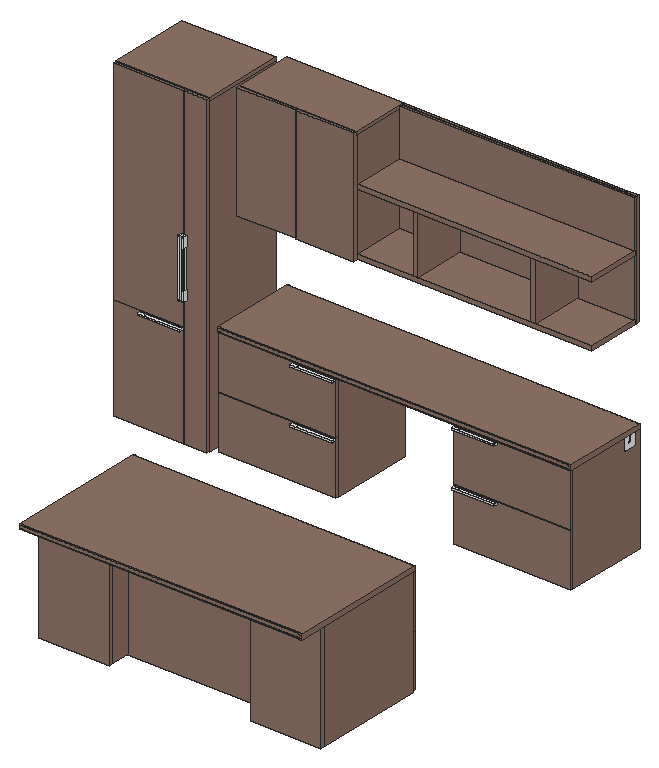
Revit family "FLV017", category Furniture, Revit 2019 (continued)
Definition of nested family "JSI-Flux-Wall_Mount_Dbl_Ht_OH"
  Forms (in)
    Extrusion 14, solid, material <- "Door Front"
      sketch origin (48, 0, -23) x (1, 0, 0) y (0, 0, 1)
        loop
          line (-36.06413, 81) -> (-36.06413, 51.75) -> (-20.18913, 51.75) -> (-20.18913, 81) -> (-36.06413, 81)
      from 4.3125 to 5.0625
    Extrusion 15, solid, material <- "Door Front"
      sketch origin (64, 0, -23) x (1, 0, 0) y (0, 0, 1)
        loop
          line (-36.06413, 81) -> (-36.06413, 51.75) -> (-20.18913, 51.75) -> (-20.18913, 81) -> (-36.06413, 81)
      from 4.3125 to 5.0625
    Extrusion 16, solid, material <- "Door Front"
      sketch origin (80, 0, -23) x (1, 0, 0) y (0, 0, 1)
        loop
          line (-36.06413, 81) -> (-36.06413, 51.75) -> (-20.18913, 51.75) -> (-20.18913, 81) -> (-36.06413, 81)
      from 4.3125 to 5.0625
    Extrusion 17, solid, material <- "Back Panel"
      sketch origin (0, 0, 0) x (0, 1, 0) y (0, 0, 1)
        loop
          line (10.75, 57.25) -> (9.9375, 57.25) -> (9.9375, 54.25) -> (10.75, 54.25) -> (10.75, 57.25)
      from -35.31413 to 59.06087
    Extrusion 18, solid, material <- "Back Panel"
      sketch origin (0, 0, 0) x (0, 1, 0) y (0, 0, 1)
        loop
          line (10.75, 54.25) -> (9.9375, 54.25) -> (9.9375, 52.0625) -> (10.75, 52.0625) -> (10.75, 54.25)
      from -34.31413 to 58.06087
    Extrusion 19, solid, material <- "Back Panel"
      sketch origin (0, 0, 0) x (0, 1, 0) y (0, 0, 1)
        loop
          line (10.75, 41.25) -> (9.9375, 41.25) -> (9.9375, 38.25) -> (10.75, 38.25) -> (10.75, 41.25)
      from -35.31413 to 59.06087
    Extrusion 20, solid, material <- "Back Panel"
      sketch origin (0, 0, 0) x (0, 1, 0) y (0, 0, 1)
        loop
          line (10.75, 38.25) -> (9.9375, 38.25) -> (9.9375, 36.0625) -> (10.75, 36.0625) -> (10.75, 38.25)
      from -34.31413 to 58.06087
  Lines and regions (in)
    symbolic lines
      curve 1: line (-36.06413, -4.3125, 0) -> (-36.06413, -5.0625, 0)
      curve 2: line (-20.06413, -4.3125, 0) -> (-20.06413, -5.0625, 0)
      curve 3: line (-20.18913, -5.0625, 0) -> (-20.18913, -4.3125, 0)
      curve 4: line (-4.18913, -5.0625, 0) -> (-4.18913, -4.3125, 0)
      curve 5: line (-20.18913, -4.3125, 0) -> (-36.06413, -4.3125, 0)
      curve 6: line (-36.06413, -5.0625, 0) -> (-20.18913, -5.0625, 0)
      curve 7: line (-4.18913, -4.3125, 0) -> (-20.06413, -4.3125, 0)
      curve 8: line (-20.06413, -5.0625, 0) -> (-4.18913, -5.0625, 0)
      curve 9: line (-36.06413, 10.75, 0) -> (-36.06413, -4.25, 0)
      curve 10: line (59.81087, 10.75, 0) -> (-36.06413, 10.75, 0)
      curve 11: line (59.81087, 10.75, 0) -> (59.81087, -4.25, 0)
      curve 12: line (59.81087, -4.25, 0) -> (-36.06413, -4.25, 0)
      curve 13: line (-4.06413, -4.3125, 0) -> (-4.06413, -5.0625, 0)
      curve 14: line (11.81087, -5.0625, 0) -> (11.81087, -4.3125, 0)
      curve 15: line (11.81087, -4.3125, 0) -> (-4.06413, -4.3125, 0)
      curve 16: line (-4.06413, -5.0625, 0) -> (11.81087, -5.0625, 0)
      curve 17: line (11.93587, -4.3125, 0) -> (11.93587, -5.0625, 0)
      curve 18: line (27.81087, -5.0625, 0) -> (27.81087, -4.3125, 0)
      curve 19: line (27.81087, -4.3125, 0) -> (11.93587, -4.3125, 0)
      curve 20: line (11.93587, -5.0625, 0) -> (27.81087, -5.0625, 0)
      curve 21: line (27.93587, -4.3125, 0) -> (27.93587, -5.0625, 0)
      curve 22: line (43.81087, -5.0625, 0) -> (43.81087, -4.3125, 0)
      curve 23: line (43.81087, -4.3125, 0) -> (27.93587, -4.3125, 0)
      curve 24: line (27.93587, -5.0625, 0) -> (43.81087, -5.0625, 0)
      curve 25: line (43.93587, -4.3125, 0) -> (43.93587, -5.0625, 0)
      curve 26: line (59.81087, -5.0625, 0) -> (59.81087, -4.3125, 0)
      curve 27: line (59.81087, -4.3125, 0) -> (43.93587, -4.3125, 0)
      curve 28: line (43.93587, -5.0625, 0) -> (59.81087, -5.0625, 0)
    symbolic lines, detail levels medium+fine
      curve 29: line (59.06087, 10.75, 0) -> (59.06087, -4.25, 0)
      curve 30: line (-35.31413, -4.25, 0) -> (-35.31413, 10.75, 0)
      curve 39: line (-35.31413, 9.1875, 0) -> (59.06087, 9.1875, 0)
      curve 40: line (59.06087, 9.1875, 0) -> (59.06087, 9.9375, 0)
      curve 41: line (59.06087, 9.9375, 0) -> (-35.31413, 9.9375, 0)
      curve 42: line (-35.31413, 9.9375, 0) -> (-35.31413, 9.1875, 0)
    symbolic lines, visible <- "Partition-L", detail levels medium+fine
      curve 31: line (-3.75163, -4.25, 0) -> (-3.75163, 9.1875, 0)
      curve 32: line (-3.75163, 9.1875, 0) -> (-4.50163, 9.1875, 0)
      curve 33: line (-4.50163, 9.1875, 0) -> (-4.50163, -4.25, 0)
      curve 34: line (-4.50163, -4.25, 0) -> (-3.75163, -4.25, 0)
    symbolic lines, visible <- "Partition-R", detail levels medium+fine
      curve 35: line (28.24837, -4.25, 0) -> (28.24837, 9.1875, 0)
      curve 36: line (28.24837, 9.1875, 0) -> (27.49837, 9.1875, 0)
      curve 37: line (27.49837, 9.1875, 0) -> (27.49837, -4.25, 0)
      curve 38: line (27.49837, -4.25, 0) -> (28.24837, -4.25, 0)
  Dimensions and locks (in)
    "Width": plane 2 "Center (Left/Right)" to plane 6
    "Depth": plane 16 to plane 3 "Center (Front/Back)"
    plane 12 to plane 13 to plane 14 to plane 15 = 0' - 0 3/4" locked, 0' - 0 1/16" locked, 0' - 2 3/16" locked
    locked: plane 16 to plane 12 at 0.0625
    locked: plane 2 "Center (Left/Right)" to plane 5 at 0.75
    locked: plane 8 to plane 9 at 0.75
    locked: plane 11 to plane 10 at 0.75
    locked: plane 7 to plane 6 at 0.75
    equal spacing: plane 2 "Center (Left/Right)", plane 17, plane 6
    "Height": plane 25 to plane 18
    "OH Elevation": plane 18 to plane 1
    locked: plane 25 to plane 24 at 0.75
    locked: plane 23 to plane 22 at 0.75
    locked: plane 20 to plane 19 at 1.1875
    "Level of Base Shelve": plane 19 to plane 18
    plane 19 to plane 21 to plane 31 = 0' - 0 1/4" locked, 0' - 0 1/4" locked
    equal spacing: plane 24, plane 26, plane 20
    locked: plane 23 to plane 26 at 0.375
    locked: plane 27 to plane 4 at 0.0625
    "Partition Distance_L": plane 2 "Center (Left/Right)" to plane 8
    "Partition Distance_R": plane 10 to plane 6
    "Shelf Width_L": plane 32 to plane 33
    "Shelf Width_R": plane 35 to plane 37
    "Shelf Width_Central": plane 34 to plane 36
    "Shelf Dist_L": plane 2 "Center (Left/Right)" to plane 32
    "Shelf Dist_C": plane 2 "Center (Left/Right)" to plane 34
    "Shelf Dist_R": plane 2 "Center (Left/Right)" to plane 35
    equal spacing: group 1, group 2, group 5, group 6, group 7, group 8  (x3)
    "Door Width": Extrusion 11 sketch curve to Extrusion 11 sketch curve
    "Door Width": Extrusion 12 sketch curve to Extrusion 12 sketch curve
    equal spacing: group 3, group 4, group 9, group 10, group 11, group 12  (x3)
    "Door Array Distance": Extrusion 11 to Extrusion 12
    "Wiring Hole Dist": plane 2 "Center (Left/Right)" to plane 38
    "Wiring Hole Dist": plane 39 to plane 6
    "Door Width": Extrusion 13 sketch curve to Extrusion 13 sketch curve
    "Door Width": Extrusion 14 sketch curve to Extrusion 14 sketch curve
    "Door Width": Extrusion 15 sketch curve to Extrusion 15 sketch curve
    "Door Width": Extrusion 16 sketch curve to Extrusion 16 sketch curve
    plane 27 to plane 28 to plane 3 "Center (Front/Back)" = 0' - 0 3/4" locked, 0' - 0 13/16" locked
    locked: plane 32 to plane 40 at 1
    locked: plane 41 to plane 37 at 1
    locked: plane 24 to plane 42 at 5.1875
    plane 44 to plane 43 to plane 20 = 0' - 5 3/16" locked, 0' - 5 7/8" locked
    locked: plane 24 to plane 46 at 3
    locked: plane 44 to plane 45 at 3
    aligned and locked: level to plane 1
    aligned and locked: Extrusion 1 sketch curve to plane 2 "Center (Left/Right)"
    aligned and locked: Extrusion 1 sketch curve to plane 5
    aligned and locked: Extrusion 1 sketch curve to plane 3 "Center (Front/Back)"
    aligned and locked: Extrusion 1 sketch curve to plane 14
    aligned and locked: Extrusion 2 sketch curve to plane 7
    aligned and locked: Extrusion 2 sketch curve to plane 6
    aligned and locked: Extrusion 2 sketch curve to plane 3 "Center (Front/Back)"
    aligned and locked: Extrusion 2 sketch curve to plane 14
    aligned and locked: plane 24 to Extrusion 1
    aligned and locked: plane 24 to Extrusion 2
    aligned and locked: Extrusion 1 to plane 18
    aligned and locked: Extrusion 2 to plane 18
    aligned and locked: Extrusion 3 sketch curve to plane 24
    aligned and locked: Extrusion 3 sketch curve to plane 25
    aligned and locked: Extrusion 3 sketch curve to plane 2 "Center (Left/Right)"
    aligned and locked: Extrusion 3 sketch curve to plane 6
    aligned and locked: Extrusion 4 sketch curve to plane 20
    aligned and locked: Extrusion 4 sketch curve to plane 19
    aligned and locked: Extrusion 4 sketch curve to plane 5
    aligned and locked: Extrusion 4 sketch curve to plane 7
    aligned and locked: Extrusion 3 to plane 3 "Center (Front/Back)"
    aligned and locked: plane 14 to Extrusion 3
    aligned and locked: Extrusion 4 to plane 27
    aligned and locked: plane 14 to Extrusion 4
    aligned and locked: Extrusion 5 sketch curve to plane 23
    aligned and locked: Extrusion 5 sketch curve to plane 22
    aligned and locked: Extrusion 6 sketch curve to plane 23
    aligned and locked: Extrusion 6 sketch curve to plane 22
    aligned and locked: Extrusion 7 sketch curve to plane 23
    aligned and locked: Extrusion 8 sketch curve to plane 24
    aligned and locked: Extrusion 8 sketch curve to plane 5
    aligned and locked: Extrusion 8 sketch curve to plane 7
    aligned and locked: Extrusion 8 sketch curve to plane 18
    aligned and locked: Extrusion 8 to plane 28
    aligned and locked: plane 27 to Extrusion 8
    aligned and locked: Extrusion 9 sketch curve to plane 8
    aligned and locked: Extrusion 9 sketch curve to plane 9
    aligned and locked: Extrusion 9 sketch curve to plane 27
    aligned and locked: Extrusion 9 sketch curve to plane 14
    aligned and locked: Extrusion 10 sketch curve to plane 11
    aligned and locked: Extrusion 10 sketch curve to plane 10
    aligned and locked: Extrusion 10 sketch curve to plane 27
    aligned and locked: Extrusion 10 sketch curve to plane 14
    aligned and locked: plane 24 to Extrusion 9
    aligned and locked: Extrusion 9 to plane 20
    aligned and locked: plane 24 to Extrusion 10
    aligned and locked: Extrusion 10 to plane 20
    aligned and locked: Extrusion 5 to plane 27
    aligned and locked: plane 15 to Extrusion 5
    aligned and locked: Extrusion 6 to plane 27
    aligned and locked: plane 15 to Extrusion 6
    aligned and locked: plane 15 to Extrusion 7
    aligned and locked: Extrusion 7 to plane 27
    aligned and locked: plane 32 to Extrusion 5
    aligned and locked: plane 33 to Extrusion 5
    aligned and locked: plane 34 to Extrusion 6
    aligned and locked: plane 36 to Extrusion 6
    aligned and locked: plane 35 to Extrusion 7
    aligned and locked: plane 37 to Extrusion 7
    aligned and locked: Extrusion 11 to plane 13
    aligned and locked: plane 12 to Extrusion 11
    aligned and locked: Extrusion 11 to plane 2 "Center (Left/Right)"
    aligned and locked: curve 1 to Extrusion 11
    aligned and locked: curve 2 to Extrusion 12
    aligned and locked: curve 3 to Extrusion 11
    aligned and locked: curve 4 to Extrusion 12
    aligned and locked: curve 5 to Extrusion 11
    aligned and locked: curve 6 to Extrusion 11
    aligned and locked: curve 7 to Extrusion 12
    aligned and locked: curve 8 to Extrusion 12
    aligned and locked: plane 17 to nested 1
    aligned and locked: plane 12 to nested 1
    aligned and locked: curve 9 to plane 2 "Center (Left/Right)"
    aligned and locked: curve 10 to plane 3 "Center (Front/Back)"
    aligned and locked: curve 11 to plane 6
    aligned and locked: curve 12 to plane 14
    aligned and locked: curve 13 to Extrusion 13
    aligned and locked: curve 14 to Extrusion 13
    aligned and locked: curve 15 to Extrusion 13
    aligned and locked: curve 16 to Extrusion 13
    aligned and locked: curve 17 to Extrusion 14
    aligned and locked: curve 18 to Extrusion 14
    aligned and locked: curve 19 to Extrusion 14
    aligned and locked: curve 20 to Extrusion 14
    aligned and locked: curve 21 to Extrusion 15
    aligned and locked: curve 22 to Extrusion 15
    aligned and locked: curve 23 to Extrusion 15
    aligned and locked: curve 24 to Extrusion 15
    aligned and locked: curve 25 to Extrusion 16
    aligned and locked: curve 26 to Extrusion 16
    aligned and locked: curve 27 to Extrusion 16
    aligned and locked: curve 28 to Extrusion 16
    aligned and locked: plane 3 "Center (Front/Back)" to Extrusion 17 sketch curve
    aligned and locked: plane 28 to Extrusion 17 sketch curve
    aligned and locked: plane 24 to Extrusion 17 sketch curve
    aligned and locked: plane 46 to Extrusion 17 sketch curve
    aligned and locked: plane 46 to Extrusion 18 sketch curve
    aligned and locked: plane 42 to Extrusion 18 sketch curve
    aligned and locked: plane 28 to Extrusion 18 sketch curve
    aligned and locked: plane 3 "Center (Front/Back)" to Extrusion 18 sketch curve
    aligned and locked: plane 44 to Extrusion 19 sketch curve
    aligned and locked: plane 45 to Extrusion 19 sketch curve
    aligned and locked: plane 28 to Extrusion 19 sketch curve
    aligned and locked: plane 3 "Center (Front/Back)" to Extrusion 19 sketch curve
    aligned and locked: plane 45 to Extrusion 20 sketch curve
    aligned and locked: plane 43 to Extrusion 20 sketch curve
    aligned and locked: plane 28 to Extrusion 20 sketch curve
    aligned and locked: plane 3 "Center (Front/Back)" to Extrusion 20 sketch curve
    aligned and locked: Extrusion 17 to plane 32
    aligned and locked: Extrusion 18 to plane 40
    aligned and locked: Extrusion 19 to plane 32
    aligned and locked: Extrusion 20 to plane 40
    aligned and locked: plane 37 to Extrusion 17
    aligned and locked: plane 37 to Extrusion 19
    aligned and locked: plane 41 to Extrusion 18
    aligned and locked: plane 41 to Extrusion 20
    aligned and locked: Extrusion 11 to plane 21
    aligned and locked: Extrusion 12 to plane 21
    aligned and locked: curve 29 to Extrusion 2
    aligned and locked: curve 30 to Extrusion 1
    aligned and locked: plane 14 to curve 30
    aligned and locked: plane 3 "Center (Front/Back)" to curve 30
    aligned and locked: plane 14 to curve 29
    aligned and locked: curve 31 to Extrusion 9
    aligned and locked: curve 32 to Extrusion 9
    aligned and locked: curve 33 to Extrusion 9
    aligned and locked: curve 34 to Extrusion 9
    aligned and locked: curve 35 to Extrusion 10
    aligned and locked: curve 36 to Extrusion 10
    aligned and locked: curve 37 to Extrusion 10
    aligned and locked: curve 38 to Extrusion 10
    aligned and locked: curve 39 to Extrusion 8
    aligned and locked: curve 40 to Extrusion 8
    aligned and locked: curve 41 to Extrusion 8
    aligned and locked: curve 42 to Extrusion 8
  Automatic sketch dimensions
    Extrusion 7 sketch curve to plane 22 = 0' - 0"
    Extrusion 7 sketch curve to plane 7 = 0' - 0"
    plane 8 to Extrusion 5 sketch curve = 0' - 0"
    Extrusion 6 sketch curve to plane 9 = 0' - 0"
    Extrusion 6 sketch curve to plane 11 = 0' - 0"
    Extrusion 7 sketch curve to plane 10 = 0' - 0"
    plane 5 to Extrusion 5 sketch curve = 0' - 0"
    Extrusion 11 sketch curve to Extrusion 11 sketch curve = 2' - 5 1/4"
    Extrusion 12 sketch curve to Extrusion 12 sketch curve = 2' - 5 1/4"
    curve 1 to curve 5 = 1' - 3 7/8"
    curve 6 to curve 3 = 0' - 0 3/4"
    curve 2 to curve 7 = 1' - 3 7/8"
    curve 8 to curve 4 = 0' - 0 3/4"
    Extrusion 13 sketch curve to Extrusion 13 sketch curve = 2' - 5 1/4"
    curve 13 to curve 15 = 1' - 3 7/8"
    curve 16 to curve 14 = 0' - 0 3/4"
    Extrusion 14 sketch curve to Extrusion 14 sketch curve = 2' - 5 1/4"
    curve 17 to curve 19 = 1' - 3 7/8"
    curve 20 to curve 18 = 0' - 0 3/4"
    Extrusion 15 sketch curve to Extrusion 15 sketch curve = 2' - 5 1/4"
    curve 21 to curve 23 = 1' - 3 7/8"
    curve 24 to curve 22 = 0' - 0 3/4"
    Extrusion 16 sketch curve to Extrusion 16 sketch curve = 2' - 5 1/4"
    curve 25 to curve 27 = 1' - 3 7/8"
    curve 28 to curve 26 = 0' - 0 3/4"
    plane 3 "Center (Front/Back)" to curve 29 = 0' - 0"
  Nested families (in)
    nested 1: "Label 1-16 OH" at (11.87337, -5.0625, 0), type "OH DOORS"
  Definition of nested family "Label 1-16 OH"
    Parameters
      Width = 0' - 1"
      Model Name = "6 Doors"
    Reference planes (in)
      plane 1: y = 0
      plane 2: x = 0
    Text (in)
      label "XX" at (0.00051, -0.12324, 0), shows "Model Name"
Definition of nested family "JSI-Flux-Wb_Pm_Ht"
  Parameters (values of type "Type Catalog - Wb, Pm Ht")
    W = no
    V_Void_Dist = if(F, 0' 0", (if(W, (if(F7, (if(Width > 1' 7", 0' 0", 0' 2")), 0' 2")), 0' 2")))  # 0' - 0"
    V_Pull_Width = if(Height > 5' 10", 1' 2 27/32", 0' 10 27/32")  # 1' - 2 27/32"
    V_Pull_R_R = if(FD, (if(L, 1 > 2, 2 > 1)), (if(F, 1 > 2, (if(W, 1 > 2, 2 > 1)))))  # no
    V_Pull_R_L = if(FD, (if(L, 2 > 1, 1 > 2)), (if(F, (if(F0, (if(L, 1 > 2, 2 > 1)), 2 > 1)), 1 > 2)))  # yes
    V_Pull_L_R = if(FD, 1 > 2, (if(F, (if(F0, (if(L, 2 > 1, 1 > 2)), 2 > 1)), (if(W, (if(L, 1 > 2, (if(Width > 2' 1", 1 > 2, (if(F0, 1 > 2, 2 > 1)))))), 1 > 2)))))  # no
    V_Pull_L_L = if(FD, 1 > 2, (if(F, 1 > 2, (if(W, (if(Width > 2' 1", (if(F0, 1 > 2, 2 > 1)), (if(L, (if(F0, 1 > 2, 2 > 1)), 1 > 2)))), 2 > 1)))))  # no
    Top_V_Void_Dist = if(W, (if(Width > 2' 1", 0' 0", 0' 2")), 0' 2")  # 0' - 2"
    Top_Pull_Dist = if(W, (if(Width > 2' 1", (if(F7, ((Width / 2) - 0' 0 7/32" - Pull_Width), ((Width / 2) - (Pull_Width / 2)))), (if(F0, (if(F1, ((Width / 2) - (Pull_Width / 2)), (if(F2, ((Width / 2) - (Pull_Width / 2)), (if(L, (0' 0 1/4" + 0' 0 1/16"), (Width - 0' 0 1/4" - 0' 0 1/16" - Pull_Width))))))), (if(L, (0' 0 1/4" + 0' 0 1/16"), (Width - 0' 0 1/4" - 0' 0 1/16" - Pull_Width))))))), (if(L, Partition Dist + 0' 0 1/16" + 0' 0 7/32", Partition Dist + 0' 0 11/16" - 0' 0 7/32" - Pull_Width)))  # 0' - 0 29/32"
    Top_Pull = if(F1, 2 > 1, (if(F2, 2 > 1, (if(F7, 2 > 1, 1 > 2)))))  # yes
    Top_2_Pull_Dist = if(W, (if(F7, (if(Width > 1' 6", ((Width / 2) + 0' 0 1/16" + 0' 0 7/32"), Width + 0' 2")), Width + 0' 2")), Width + 0' 2")  # 1' - 8 1/16"
    Top_2_Pull = if(W, (if(F7, (if(Width > 2' 1", 2 > 1, 1 > 2)), 1 > 2)), 1 > 2)  # no
    R_Vertical_Pull_Dist = if(FD, (if(L, 0' 0 1/32" + 0' 0 1/16" + 0' 0 7/32", (Width - 0' 0 1/32" - 0' 0 1/16" - 0' 0 7/32"))), L_Vertical_Pull_Dist + 0' 0 7/16" + 0' 0 1/8")  # 1' - 0 5/16"
    Pull_Width = if(Width > 2' 1", (if(F7, 0' 10 27/32", 1' 2 3/4")), 0' 10 27/32")  # 0' - 10 27/32"
    Partition = if(FD, 1 > 2, (if(W, 1 > 2, 2 > 1)))  # yes
    L_Vertical_Pull_Dist = (if(W, (if(Width > 2' 1", ((Width / 2) + 0' 0 1/16" + 0' 0 7/32"), (if(L, 0' 0 1/16" + 0' 0 7/32", Width - 0' 0 1/16" - 0' 0 7/32")))), (if(L, Partition Dist - 0' 0 7/32" - 0' 0 1/16", Partition Dist + 0' 0 3/4" - 0' 0 7/32" - 0' 0 1/16"))))  # 0' - 11 3/4"
    Hngr_R = if(W, 1 > 2, (if(FD, 1 > 2, (if(L, 2 > 1, 1 > 2)))))  # no
    Hngr_L = if(W, 1 > 2, (if(FD, 1 > 2, (if(L, 1 > 2, 2 > 1)))))  # yes
    Hanger_Dist = if(L, Partition Dist + 0' 0 3/4", Partition Dist)  # 0' - 11 9/32"
    H_Void_Width = if(F, Top_Shelf_Width + 0' 1 1/2", Width)  # 1' - 0"
    H_Void_Upper_Dist = if(F0, 0' 0", 0' 2")  # 0' - 0"
    H_Void_Top_Dist = if(FD, 0' 2", 0' 0")  # 0' - 0"
    H_Void_H_Dist = if(F, (if(L, Partition Dist + 0' 0 1/16", 0' 0")), 0' 0")  # 0' - 0"
    H_Void_C_Dist = if(F1, 0' 0", 0' 2")  # 0' - 0"
    H_Void_Bottom_Dist = if(F1, 0' 0", (if(F2, 0' 0", 0' 2")))  # 0' - 0"
    H_Dist_V_Void = if(F, (if(L, Partition Dist - 0' 0 1/16", Partition Dist + 0' 0 3/4" - 0' 0 1/16")), (Width / 2) - 0' 0 1/16")  # 0' - 11 31/32"
    H_Dist_C_Panel = if(F, (if(L, Partition Dist - 0' 0 1/32", 0' 0")), 0' 0")  # 0' - 0"
    Top_Shelf_Width = C_Shelf_Width  # 0' - 10 1/2"
    Top_Shelf_Dist = (Height - 0' 0 5/16" - 0' 1 1/2" - 0' 1 3/16") / 4.75  # 1' - 4.46711"
    Top_Shelf_Array_Dist = (Height - 0' 0 5/16" - 0' 1 1/2" - 0' 1 3/16") / 5.5  # 1' - 2.22159"
    Top = none
    Width = 1' - 6 1/16"
    URL = "www.jsifurniture.com"
    Type Comments = ""
    TAG = if(FD, "1Door", (if(F1, "BBF", (if(F2, "FF", (if(Width < 2' 1", "1 Door", "2 Doors")))))))  # "BBF"
    Shelf = none
    Series = "FLUX"  # constant formula
    Pull Finish = none
    Partition Dist = if(L, 0' 6 1/32", Width - 0' 6 1/32" - 0' 0 3/4")  # 0' - 11 9/32"
    Model = ""
    Manufacturer = "JSI"  # constant formula
    L = no
    Keynote = "12500"
    JSI Enviromental Website = "http://www.jsifurniture.com/jsi_sustainability_intro.php"
    Height = 6' - 9 7/32"
    H_Dist_Top_Shelf = if(F, (if(L, Partition Dist + 0' 0 3/4", 0' 0 3/4" + 0' 0 1/32")), 0' 0 3/4" + 0' 0 1/32")  # 0' - 0 25/32"
    H_Dist_Bottom_Shelf = if(F, (if(L, 0' 0", Width - Bottom_Shelf_Width - 0' 0 1/16" - 0' 1 1/2")), 0' 0")  # 0' - 11 1/4"
    Glides = none
    FD = no
    F7 = yes
    F2 = yes
    F1 = yes
    F0 = yes
    F = yes
    Door Line = if(W, (if(Width > 2' 1", (if(F0, (if(F7, 2 > 1, 1 > 2)), 2 > 1)), 1 > 2)), 1 > 2)  # no
    C_Shelf_Width = if(F, Width - 0' 6 1/32" - 0' 1 1/2" - 0' 0 1/32", Width - 0' 0 1/16" - 0' 1 1/2")  # 0' - 10 1/2"
    C_Pull_Dist = Top_Pull_Dist  # 0' - 0 29/32"
    C_Pull = if(F1, 2 > 1, 1 > 2)  # yes
    Bottom_Shelf_Width = if(F, 0' 5 1/4", (Width - 0' 0 1/16" - 0' 1 1/2"))  # 0' - 5 1/4"
    Bottom_Shelf_ Dist = if(FD, 1' 7", 2' 1")  # 2' - 1"
    Bottom_Pull_Dist = Top_Pull_Dist  # 0' - 0 29/32"
    Bottom Pull = if(F1, 2 > 1, (if(F2, 2 > 1, 1 > 2)))  # yes
    Back Panel = none
    Door Front = none
    Description = ""
    Depth = 1' - 9 13/16"
    Chassis = none
    Assembly Code = "E2020200"
    # of Top Shelf = if(Height > 5' 10", 3, 2)  # 3
  Reference planes (in)
    plane 1: z = 0
    plane 2 "Center (Left/Right)": x = -36.06413
    plane 3 "Center (Front/Back)": y = 10.75
    plane 4: x = -18.00163
    plane 5: x = -36.03288
    plane 6: x = -18.03288
    plane 7: y = 10.71875
    plane 8: y = -10.28125
    plane 9: x = -35.28288
    plane 10: x = -18.78288
    plane 11: x = -27.03288
    plane 12: z = 81.21875
    plane 13: z = 0.3125
    plane 14: z = 1.5
    plane 15: z = 2.25
    plane 16: z = 80.46875
    plane 17: y = 10.65625
    plane 18: y = 9.90625
    plane 19: y = 5.90625
    plane 20: y = -10.25
    plane 21: y = -6.25
    plane 22: x = -34.28288
    plane 23: x = -19.78288
    plane 24: y = -9.25
    plane 25: y = 8.90625
    plane 26: y = -11.0625
    plane 27: z = 0.4375
    plane 28: x = -35.97038
    plane 29: x = -18.09538
    plane 30: x = -27.09538
    plane 31: x = -26.97038
    plane 32: z = 81.09375
    plane 33: z = 26.5
    plane 34: z = 27.25
    plane 35: z = 14.375
    plane 36: z = 14.75
    plane 37: z = 14
    plane 38: z = 68.46875
    plane 39: z = 67.71875
    plane 40: y = -10.3125
    plane 41: y = -10.3125
    plane 42: y = -11.3125
    plane 43: y = -10.3125
    plane 44: y = -11.3125
    plane 45: y = -10.3125
    plane 46: y = -11.3125
    plane 47: y = -10.3125
    plane 48: y = -11.3125
    plane 49: z = 26.9375
    plane 50: z = 27.0625
    plane 51: z = 1.625
    plane 52: z = 14.28125
    plane 53: z = 14.34375
    plane 54: z = 14.21875
    plane 55: x = -24.78288
    plane 56: x = -24.03288
    plane 57: x = -24.09538
    plane 58: x = -23.97038
    plane 59: z = 20.64063
    plane 60: z = 20.70313
    plane 61: z = 20.57813
    plane 62: x = -36.06413
    plane 63: x = -24.06413
    plane 64: y = -10.3125
    plane 65: y = -11.3125
    plane 66: x = -24.78288
    plane 67: y = -0.15625
    plane 68: z = 77.59375
    plane 69: x = -35.15788
    plane 70: x = -35.15788
    plane 71: x = -35.15788
    plane 72: z = 26.73438
    plane 73: z = 20.375
    plane 74: z = 14.01563
    plane 75: x = -24.31413
    plane 76: x = -23.75163
    plane 77: z = 40.76563
    plane 78: x = -16.00163
    plane 79: y = -12.3125
    plane 80: y = -13.3125
  Forms (in)
    Extrusion 1, solid, material <- "Chassis"
      sketch origin (0, 0, 0) x (1, 0, 0) y (0, 1, 0)
        loop
          line (-36.03288, 10.71875) -> (-36.03288, -10.25) -> (-35.28288, -10.25) -> (-35.28288, 10.71875) -> (-36.03288, 10.71875)
      from 0.3125 to 80.46875
    Extrusion 2, solid, material <- "Chassis"
      sketch origin (0, 0, 0) x (1, 0, 0) y (0, 1, 0)
        loop
          line (-18.03288, 10.71875) -> (-18.78288, 10.71875) -> (-18.78288, -10.25) -> (-18.03288, -10.25) -> (-18.03288, 10.71875)
      from 0.3125 to 80.46875
    Extrusion 3, solid, material <- "Back Panel"
      sketch origin (0, 0, 0) x (1, 0, 0) y (0, 1, 0)
        loop
          line (-18.78288, 10.65625) -> (-35.28288, 10.65625) -> (-35.28288, 9.90625) -> (-18.78288, 9.90625) -> (-18.78288, 10.65625)
      from 0.3125 to 80.46875
    Extrusion 4, solid, material <- "Top"
      sketch origin (0, 0, 0) x (0, 1, 0) y (0, 0, 1)
        loop
          line (10.75, 81.21875) -> (-10.28125, 81.21875) -> (-10.28125, 80.46875) -> (10.75, 80.46875) -> (10.75, 81.21875)
      from -36.06413 to -18.00163
    Extrusion 5, solid, material <- "Chassis"
      sketch origin (0, 0, 0) x (0, 1, 0) y (0, 0, 1)
        loop
          line (9.90625, 1.5) -> (5.90625, 1.5) -> (5.90625, 0.3125) -> (9.90625, 0.3125) -> (9.90625, 1.5)
      from -35.28288 to -18.78288
    Extrusion 6, solid, material <- "Chassis"
      sketch origin (0, 0, 0) x (0, 1, 0) y (0, 0, 1)
        loop
          line (-6.25, 1.5) -> (-10.25, 1.5) -> (-10.25, 0.3125) -> (-6.25, 0.3125) -> (-6.25, 1.5)
      from -35.28288 to -18.78288
    Extrusion 7, solid, material <- "Shelf"
      sketch origin (0, 0, 0) x (0, 1, 0) y (0, 0, 1)
        loop
          line (9.90625, 1.5) -> (9.90625, 2.25) -> (-10.25, 2.25) -> (-10.25, 1.5) -> (9.90625, 1.5)
      from -35.28288 to -18.78288
    Extrusion 8, solid, material <- "Glides"
      sketch origin (0, 0, 0) x (1, 0, 0) y (0, 1, 0)
        loop
          circle (-34.28288, 8.90625) r 0.5
      from 0 to 0.3125
    Extrusion 9, solid, material <- "Glides"
      sketch origin (0, 0, 0) x (1, 0, 0) y (0, 1, 0)
        loop
          circle (-19.78288, 8.90625) r 0.5
      from 0 to 0.3125
    Extrusion 10, solid, material <- "Glides"
      sketch origin (0, 0, 0) x (1, 0, 0) y (0, 1, 0)
        loop
          circle (-34.28288, -9.25) r 0.5
      from 0 to 0.3125
    Extrusion 11, solid, material <- "Glides"
      sketch origin (0, 0, 0) x (1, 0, 0) y (0, 1, 0)
        loop
          circle (-19.78288, -9.25) r 0.5
      from 0 to 0.3125
    Extrusion 12, solid, material <- "Shelf"
      sketch origin (0, 0, 0) x (1, 0, 0) y (0, 0, 1)
        loop
          line (-35.28288, 26.5) -> (-24.78288, 26.5) -> (-24.78288, 27.25) -> (-35.28288, 27.25) -> (-35.28288, 26.5)
      from -9.90625 to 10.25
    Extrusion 13, solid, material <- "Shelf"
      sketch origin (2.625, 0, 0) x (1, 0, 0) y (0, 0, 1)
        loop
          line (-26.65788, 14) -> (-21.40788, 14) -> (-21.40788, 14.75) -> (-26.65788, 14.75) -> (-26.65788, 14)
      from -9.90625 to 10.25
    Extrusion 14, solid, material <- "Shelf"
      sketch origin (-1, 0, -3.71711) x (1, 0, 0) y (0, 0, 1)
        loop
          line (-34.28288, 68.46875) -> (-34.28288, 67.71875) -> (-23.78288, 67.71875) -> (-23.78288, 68.46875) -> (-34.28288, 68.46875)
      from -9.90625 to 9.25
    Extrusion 15, solid, material <- "Shelf"
      sketch origin (-1, 0, -17.9387) x (1, 0, 0) y (0, 0, 1)
        loop
          line (-34.28288, 68.46875) -> (-34.28288, 67.71875) -> (-23.78288, 67.71875) -> (-23.78288, 68.46875) -> (-34.28288, 68.46875)
      from -9.90625 to 9.25
    Extrusion 16, solid, material <- "Shelf"
      sketch origin (-1, 0, -32.16029) x (1, 0, 0) y (0, 0, 1)
        loop
          line (-34.28288, 68.46875) -> (-34.28288, 67.71875) -> (-23.78288, 67.71875) -> (-23.78288, 68.46875) -> (-34.28288, 68.46875)
      from -9.90625 to 9.25
    Extrusion 17, solid, material <- "Door Front"
      sketch origin (0, 0, 0) x (1, 0, 0) y (0, 1, 0)
        loop
          line (-35.97038, -10.3125) -> (-35.97038, -11.0625) -> (-18.09538, -11.0625) -> (-18.09538, -10.3125) -> (-35.97038, -10.3125)
      from 0.4375 to 81.09375
    Extrusion 18, solid, material <- "Chassis", visible <- "Partition"
      sketch origin (0, 0, 0) x (1, 0, 0) y (0, 1, 0)
        loop
          line (-24.78288, 9.90625) -> (-24.78288, -10.25) -> (-24.03288, -10.25) -> (-24.03288, 9.90625) -> (-24.78288, 9.90625)
      from 2.25 to 80.46875
    Extrusion 19, void
      sketch origin (0, 0, 0) x (1, 0, 0) y (0, 1, 0)
        loop
          line (-24.09538, -10.3125) -> (-24.09538, -11.3125) -> (-23.97038, -11.3125) -> (-23.97038, -10.3125) -> (-24.09538, -10.3125)
      from 0.3125 to 81.21875
    Extrusion 20, void
      sketch origin (0, 0, 0) x (1, 0, 0) y (0, 0, 1)
        loop
          line (-36.06413, 26.9375) -> (-24.06413, 26.9375) -> (-24.06413, 27.0625) -> (-36.06413, 27.0625) -> (-36.06413, 26.9375)
      from 10.3125 to 11.3125
    Extrusion 21, void
      sketch origin (0, 0, 0) x (1, 0, 0) y (0, 0, 1)
        loop
          line (-36.06413, 20.70313) -> (-36.06413, 20.57813) -> (-24.06413, 20.57813) -> (-24.06413, 20.70313) -> (-36.06413, 20.70313)
      from 10.3125 to 11.3125
    Extrusion 22, void
      sketch origin (0, 0, 0) x (1, 0, 0) y (0, 0, 1)
        loop
          line (-36.06413, 14.34375) -> (-36.06413, 14.21875) -> (-24.06413, 14.21875) -> (-24.06413, 14.34375) -> (-36.06413, 14.34375)
      from 10.3125 to 11.3125
    Extrusion 23, void
      sketch origin (0, 0, 0) x (1, 0, 0) y (0, 0, 1)
        loop
          line (-36.06413, 81.21875) -> (-36.06413, 27.0625) -> (-24.06413, 27.0625) -> (-24.06413, 81.21875) -> (-36.06413, 81.21875)
      from 10.3125 to 11.3125
    Extrusion 24, void
      sketch origin (0, 0, 0) x (1, 0, 0) y (0, 1, 0)
        loop
          line (-24.09538, -12.3125) -> (-24.09538, -13.3125) -> (-23.97038, -13.3125) -> (-23.97038, -12.3125) -> (-24.09538, -12.3125)
      from 26.9375 to 81.21875
  Cuts and joins
    Extrusion 19, Extrusion 20, Extrusion 21, Extrusion 22, Extrusion 23, Extrusion 24 cuts Extrusion 17
  Lines and regions (in)
    symbolic lines
      curve 1: line (-36.06413, 10.75, 0) -> (-36.06413, -10.28125, 0)
      curve 2: line (-18.00163, 10.75, 0) -> (-36.06413, 10.75, 0)
      curve 3: line (-18.00163, -10.28125, 0) -> (-36.06413, -10.28125, 0)
      curve 4: line (-18.00163, 10.75, 0) -> (-18.00163, -10.28125, 0)
      curve 15: line (-35.97038, -10.3125, 0) -> (-35.97038, -11.0625, 0)
      curve 16: line (-18.09538, -10.3125, 0) -> (-23.97038, -10.3125, 0)
      curve 17: line (-18.09538, -11.0625, 0) -> (-23.97038, -11.0625, 0)
      curve 18: line (-18.09538, -10.3125, 0) -> (-18.09538, -11.0625, 0)
      curve 21: line (-24.09538, -10.3125, 0) -> (-35.97038, -10.3125, 0)
      curve 22: line (-24.09538, -11.0625, 0) -> (-35.97038, -11.0625, 0)
    symbolic lines, detail levels medium+fine
      curve 5: line (-36.03288, 10.71875, 0) -> (-36.03288, -10.25, 0)
      curve 6: line (-35.28288, 10.71875, 0) -> (-35.28288, -10.25, 0)
      curve 7: line (-18.78288, 10.71875, 0) -> (-18.78288, -10.25, 0)
      curve 8: line (-18.03288, 10.71875, 0) -> (-18.03288, -10.25, 0)
      curve 9: line (-35.28288, 10.71875, 0) -> (-36.03288, 10.71875, 0)
      curve 10: line (-35.28288, -10.25, 0) -> (-36.03288, -10.25, 0)
      curve 11: line (-18.03288, 10.71875, 0) -> (-18.78288, 10.71875, 0)
      curve 12: line (-18.03288, -10.25, 0) -> (-18.78288, -10.25, 0)
      curve 13: line (-18.78288, 10.65625, 0) -> (-35.28288, 10.65625, 0)
      curve 14: line (-18.78288, 9.90625, 0) -> (-35.28288, 9.90625, 0)
    symbolic lines, visible <- "F"
      curve 19: line (-24.09538, -10.3125, 0) -> (-24.09538, -11.0625, 0)
      curve 20: line (-23.97038, -10.3125, 0) -> (-23.97038, -11.0625, 0)
    symbolic lines, visible <- "FD"
      curve 23: line (-24.09538, -10.3125, 0) -> (-23.97038, -10.3125, 0)
      curve 24: line (-24.09538, -11.0625, 0) -> (-23.97038, -11.0625, 0)
    symbolic lines, visible <- "Door Line"
      curve 25: line (-24.09538, -10.3125, 0) -> (-24.09538, -11.0625, 0)
      curve 26: line (-23.97038, -10.3125, 0) -> (-23.97038, -11.0625, 0)
    symbolic lines, visible <- "W"
      curve 27: line (-24.09538, -11.0625, 0) -> (-23.97038, -11.0625, 0)
      curve 28: line (-24.09538, -10.3125, 0) -> (-23.97038, -10.3125, 0)
  Dimensions and locks (in)
    locked: plane 2 "Center (Left/Right)" to plane 5 at 0.03125
    locked: plane 6 to plane 4 at 0.03125
    "Width": plane 2 "Center (Left/Right)" to plane 4
    locked: plane 7 to plane 3 "Center (Front/Back)" at 0.03125
    locked: plane 5 to plane 9 at 0.75
    locked: plane 10 to plane 6 at 0.75
    equal spacing: plane 2 "Center (Left/Right)", plane 11, plane 4
    "Height": plane 12 to plane 1
    locked: plane 12 to plane 16 at 0.75
    locked: plane 13 to plane 1 at 0.3125
    locked: plane 15 to plane 14 at 0.75
    locked: plane 14 to plane 13 at 1.1875
    plane 18 to plane 17 to plane 7 = 0' - 0 3/4" locked, 0' - 0 1/16" locked
    locked: plane 19 to plane 18 at 4
    plane 40 to plane 8 to plane 20 = 0' - 0 1/32", 0' - 0 1/32"
    locked: plane 20 to plane 21 at 4
    locked: plane 9 to plane 22 at 1
    locked: plane 23 to plane 10 at 1
    locked: plane 20 to plane 24 at 1
    locked: plane 25 to plane 18 at 1
    locked: curve 5 to curve 6 at 0.75
    locked: curve 7 to curve 8 at 0.75
    locked: plane 27 to plane 13 at 0.125
    locked: plane 5 to plane 28 at 0.0625
    locked: plane 29 to plane 6 at 0.0625
    plane 30 to plane 11 to plane 31 = 0' - 0 1/16" locked, 0' - 0 1/16" locked
    locked: plane 12 to plane 32 at 0.125
    locked: plane 34 to plane 33 at 0.75
    "Bottom_Shelf_ Dist": plane 34 to plane 15
    equal spacing: plane 33, plane 35, plane 15
    plane 36 to plane 35 to plane 37 = 0' - 0 3/8" locked, 0' - 0 3/8" locked
    locked: plane 38 to plane 39 at 0.75
    locked: plane 26 to plane 40 at 0.75
    "Depth": plane 26 to plane 3 "Center (Front/Back)"
    "C_Shelf_Width": Extrusion 12 sketch curve to Extrusion 12 sketch curve
    "Bottom_Shelf_Width": Extrusion 13 sketch curve to Extrusion 13 sketch curve
    "H_Dist_Bottom_Shelf": Extrusion 13 to plane 9
    "H_Dist_C_Panel": Extrusion 12 to plane 9
    "Top_Shelf_Width": Extrusion 14 sketch curve to Extrusion 14 sketch curve
    locked: Extrusion 14 sketch curve to Extrusion 14 sketch curve at 0.75
    "Top_Shelf_Width": Extrusion 15 sketch curve to Extrusion 15 sketch curve
    locked: Extrusion 15 sketch curve to Extrusion 15 sketch curve at 0.75
    equal spacing: group 1, group 2, group 3  (x2)
    equal spacing: group 3, group 2, group 1
    "H_Dist_Top_Shelf": Extrusion 14 to plane 2 "Center (Left/Right)"
    "Top_Shelf_Dist": plane 12 to Extrusion 14
    "Top_Shelf_Array_Dist": Extrusion 14 to Extrusion 15
    "Top_Shelf_Width": Extrusion 16 sketch curve to Extrusion 16 sketch curve
    locked: Extrusion 16 sketch curve to Extrusion 16 sketch curve at 0.75
    locked: plane 34 to plane 49 at 0.3125
    locked: plane 50 to plane 49 at 0.125
    locked: plane 51 to plane 14 at 0.125
    equal spacing: plane 49, plane 52, plane 51
    plane 53 to plane 52 to plane 54 = 0' - 0 1/16" locked, 0' - 0 1/16" locked
    locked: plane 55 to plane 56 at 0.75
    "Partition Dist": plane 2 "Center (Left/Right)" to plane 55
    locked: plane 57 to plane 58 at 0.125
    "H_Dist_V_Void": plane 2 "Center (Left/Right)" to plane 57
    equal spacing: plane 49, plane 59, plane 53
    plane 60 to plane 59 to plane 61 = 0' - 0 1/16" locked, 0' - 0 1/16" locked
    "H_Void_Width": plane 62 to plane 63
    "H_Void_H_Dist": plane 2 "Center (Left/Right)" to plane 62
    "V_Void_Dist": plane 41 to plane 40
    "H_Void_Top_Dist": plane 43 to plane 40
    "H_Void_C_Dist": plane 45 to plane 40
    "H_Void_Bottom_Dist": plane 47 to plane 40
    locked: plane 42 to plane 41 at 1
    locked: plane 44 to plane 43 at 1
    locked: plane 46 to plane 45 at 1
    locked: plane 48 to plane 47 at 1
    locked: plane 65 to plane 64 at 1
    "H_Void_Upper_Dist": plane 64 to plane 40
    equal spacing: plane 26, plane 67, plane 3 "Center (Front/Back)"
    locked: plane 12 to plane 68 at 3.625
    "Hanger_Dist": plane 2 "Center (Left/Right)" to plane 66
    locked: plane 49 to plane 72 at 0.20313
    locked: plane 61 to plane 73 at 0.20312
    locked: plane 54 to plane 74 at 0.20312
    "Top_Pull_Dist": plane 2 "Center (Left/Right)" to plane 69
    "C_Pull_Dist": plane 2 "Center (Left/Right)" to plane 70
    "Bottom_Pull_Dist": plane 2 "Center (Left/Right)" to plane 71
    plane 12 to plane 13 = 6' - 8 29/32"
    equal spacing: plane 12, plane 77, plane 13
    "L_Vertical_Pull_Dist": plane 2 "Center (Left/Right)" to plane 75
    "R_Vertical_Pull_Dist": plane 2 "Center (Left/Right)" to plane 76
    "Top_2_Pull_Dist": plane 2 "Center (Left/Right)" to plane 78
    locked: plane 80 to plane 79 at 1
    "Top_V_Void_Dist": plane 79 to plane 43
    radius of Extrusion 8 sketch curve = 0' - 0 1/2"
    radius of Extrusion 9 sketch curve = 0' - 0 1/2"
    radius of Extrusion 10 sketch curve = 0' - 0 1/2"
    radius of Extrusion 11 sketch curve = 0' - 0 1/2"
    aligned and locked: level to plane 1
    aligned and locked: Extrusion 1 sketch curve to plane 5
    aligned and locked: Extrusion 1 sketch curve to plane 9
    aligned and locked: Extrusion 1 sketch curve to plane 7
    aligned and locked: Extrusion 2 sketch curve to plane 7
    aligned and locked: Extrusion 2 sketch curve to plane 6
    aligned and locked: Extrusion 2 sketch curve to plane 10
    aligned and locked: Extrusion 3 sketch curve to plane 17
    aligned and locked: Extrusion 3 sketch curve to plane 18
    aligned and locked: Extrusion 3 sketch curve to plane 9
    aligned and locked: Extrusion 3 sketch curve to plane 10
    aligned and locked: plane 16 to Extrusion 3
    aligned and locked: plane 3 "Center (Front/Back)" to Extrusion 4 sketch curve
    aligned and locked: plane 12 to Extrusion 4 sketch curve
    aligned and locked: plane 16 to Extrusion 4 sketch curve
    aligned and locked: plane 8 to Extrusion 4 sketch curve
    aligned and locked: Extrusion 4 to plane 2 "Center (Left/Right)"
    aligned and locked: plane 4 to Extrusion 4
    aligned and locked: plane 18 to Extrusion 5 sketch curve
    aligned and locked: plane 19 to Extrusion 5 sketch curve
    aligned and locked: plane 13 to Extrusion 5 sketch curve
    aligned and locked: plane 14 to Extrusion 5 sketch curve
    aligned and locked: Extrusion 3 to plane 13
    aligned and locked: plane 21 to Extrusion 6 sketch curve
    aligned and locked: plane 20 to Extrusion 6 sketch curve
    aligned and locked: plane 13 to Extrusion 6 sketch curve
    aligned and locked: plane 14 to Extrusion 6 sketch curve
    aligned and locked: Extrusion 5 to plane 9
    aligned and locked: Extrusion 6 to plane 9
    aligned and locked: plane 10 to Extrusion 6
    aligned and locked: plane 10 to Extrusion 5
    aligned and locked: plane 14 to Extrusion 7 sketch curve
    aligned and locked: plane 15 to Extrusion 7 sketch curve
    aligned and locked: plane 18 to Extrusion 7 sketch curve
    aligned and locked: plane 20 to Extrusion 7 sketch curve
    aligned and locked: Extrusion 7 to plane 9
    aligned and locked: plane 10 to Extrusion 7
    aligned and locked: Extrusion 10 to plane 1
    aligned and locked: Extrusion 8 to plane 1
    aligned and locked: plane 13 to Extrusion 8
    aligned and locked: plane 13 to Extrusion 10
    aligned and locked: Extrusion 11 to plane 1
    aligned and locked: Extrusion 9 to plane 1
    aligned and locked: plane 13 to Extrusion 9
    aligned and locked: plane 13 to Extrusion 11
    aligned and locked: plane 11 to nested 1
    aligned and locked: curve 1 to plane 2 "Center (Left/Right)"
    aligned and locked: curve 2 to plane 3 "Center (Front/Back)"
    aligned and locked: curve 4 to plane 4
    aligned and locked: curve 9 to plane 7
    aligned and locked: curve 11 to plane 7
    aligned and locked: curve 5 to plane 5
    aligned and locked: curve 7 to plane 10
    aligned and locked: plane 9 to curve 14
    aligned and locked: plane 10 to curve 13
    aligned and locked: plane 10 to curve 14
    aligned and locked: plane 26 to nested 1
    aligned and locked: plane 8 to Extrusion 4
    aligned and locked: plane 20 to Extrusion 1
    aligned and locked: curve 10 to plane 20
    aligned and locked: curve 12 to plane 20
    aligned and locked: plane 20 to Extrusion 2
    aligned and locked: Extrusion 12 sketch curve to plane 33
    aligned and locked: Extrusion 12 sketch curve to plane 34
    aligned and locked: Extrusion 12 to plane 18
    aligned and locked: plane 20 to Extrusion 12
    aligned and locked: Extrusion 13 sketch curve to plane 37
    aligned and locked: Extrusion 13 sketch curve to plane 36
    aligned and locked: Extrusion 14 to plane 18
    aligned and locked: plane 24 to Extrusion 14
    aligned and locked: Extrusion 14 to Extrusion 15
    aligned and locked: Extrusion 17 sketch curve to plane 28
    aligned and locked: Extrusion 17 sketch curve to plane 40
    aligned and locked: Extrusion 17 sketch curve to plane 26
    aligned and locked: Extrusion 17 sketch curve to plane 29
    aligned and locked: Extrusion 17 to plane 27
    aligned and locked: plane 32 to Extrusion 17
    aligned and locked: Extrusion 18 sketch curve to plane 55
    aligned and locked: Extrusion 18 sketch curve to plane 56
    aligned and locked: Extrusion 18 sketch curve to plane 18
    aligned and locked: Extrusion 18 sketch curve to plane 20
    aligned and locked: Extrusion 18 to plane 15
    aligned and locked: plane 16 to Extrusion 18
    aligned and locked: Extrusion 13 to plane 18
    aligned and locked: plane 20 to Extrusion 13
    aligned and locked: Extrusion 19 sketch curve to plane 57
    aligned and locked: Extrusion 19 sketch curve to plane 58
    aligned and locked: Extrusion 19 sketch curve to plane 41
    aligned and locked: Extrusion 19 sketch curve to plane 42
    aligned and locked: Extrusion 19 to plane 13
    aligned and locked: plane 12 to Extrusion 19
    aligned and locked: Extrusion 20 sketch curve to plane 49
    aligned and locked: Extrusion 20 sketch curve to plane 50
    aligned and locked: Extrusion 20 sketch curve to plane 62
    aligned and locked: Extrusion 20 sketch curve to plane 63
    aligned and locked: plane 44 to Extrusion 20
    aligned and locked: Extrusion 20 to plane 43
    aligned and locked: Extrusion 21 sketch curve to plane 60
    aligned and locked: Extrusion 21 sketch curve to plane 61
    aligned and locked: Extrusion 21 sketch curve to plane 62
    aligned and locked: Extrusion 21 sketch curve to plane 63
    aligned and locked: plane 46 to Extrusion 21
    aligned and locked: Extrusion 21 to plane 45
    aligned and locked: Extrusion 22 sketch curve to plane 53
    aligned and locked: Extrusion 22 sketch curve to plane 54
    aligned and locked: Extrusion 22 sketch curve to plane 62
    aligned and locked: Extrusion 22 sketch curve to plane 63
    aligned and locked: plane 48 to Extrusion 22
    aligned and locked: Extrusion 22 to plane 47
    aligned and locked: Extrusion 23 sketch curve to plane 12
    aligned and locked: Extrusion 23 sketch curve to plane 62
    aligned and locked: Extrusion 23 sketch curve to plane 63
    aligned and locked: Extrusion 23 sketch curve to plane 50
    aligned and locked: plane 65 to Extrusion 23
    aligned and locked: Extrusion 23 to plane 64
    aligned and locked: plane 66 to nested 2
    aligned and locked: plane 68 to nested 2
    aligned and locked: plane 67 to nested 2
    aligned and locked: nested 3 to plane 69
    aligned and locked: nested 4 to plane 70
    aligned and locked: nested 5 to plane 71
    aligned and locked: plane 72 to nested 3
    aligned and locked: plane 73 to nested 4
    aligned and locked: plane 74 to nested 5
    aligned and locked: plane 77 to nested 6
    aligned and locked: plane 75 to nested 6
    aligned and locked: plane 77 to nested 7
    aligned and locked: plane 76 to nested 7
    aligned and locked: plane 26 to nested 3
    aligned and locked: nested 4 to plane 26
    aligned and locked: plane 26 to nested 5
    aligned and locked: plane 26 to nested 6
    aligned and locked: plane 26 to nested 7
    aligned and locked: plane 16 to Extrusion 1
    aligned and locked: plane 16 to Extrusion 2
    aligned and locked: curve 15 to plane 28
    aligned and locked: curve 16 to plane 40
    aligned and locked: curve 17 to plane 26
    aligned and locked: curve 18 to plane 29
    aligned and locked: plane 58 to curve 24
    aligned and locked: plane 40 to curve 23
    aligned and locked: plane 26 to curve 24
    aligned and locked: plane 72 to nested 8
    aligned and locked: nested 8 to plane 78
    aligned and locked: Extrusion 24 sketch curve to plane 57
    aligned and locked: Extrusion 24 sketch curve to plane 58
    aligned and locked: Extrusion 24 sketch curve to plane 79
    aligned and locked: Extrusion 24 sketch curve to plane 80
    aligned and locked: plane 12 to Extrusion 24
    aligned and locked: Extrusion 24 to plane 49
    aligned and locked: curve 25 to plane 57
    aligned and locked: curve 26 to plane 58
    aligned and locked: plane 40 to curve 26
    aligned and locked: plane 26 to curve 26
    aligned and locked: plane 26 to curve 27
    aligned and locked: plane 40 to curve 28
  Automatic sketch dimensions
    Extrusion 8 sketch curve to plane 22 = 0' - 0"
    plane 25 to Extrusion 8 sketch curve = 0' - 0"
    Extrusion 9 sketch curve to plane 23 = 0' - 0"
    plane 25 to Extrusion 9 sketch curve = 0' - 0"
    Extrusion 10 sketch curve to plane 22 = 0' - 0"
    plane 24 to Extrusion 10 sketch curve = 0' - 0"
    Extrusion 11 sketch curve to plane 23 = 0' - 0"
    plane 24 to Extrusion 11 sketch curve = 0' - 0"
    plane 20 to Extrusion 1 sketch curve = 0' - 0"
    plane 20 to Extrusion 2 sketch curve = 0' - 0"
    plane 8 to curve 4 = 0' - 0"
    plane 18 to curve 14 = 0' - 0"
    plane 17 to curve 13 = 0' - 0"
    Extrusion 12 sketch curve to plane 9 = 0' - 0"
    Extrusion 13 sketch curve to plane 56 = 0' - 0"
  Nested families (in)
    nested 1: "Label 1-16" at (-27.03288, -11.0625, 0), type "DRWCFG"
    nested 2: "Hanger" at (-28.02501, -0.15625, 77.59375), Hngr L <- "Hngr_L", Hngr R <- "Hngr_R", Hanger Finish <- "Pull Finish", type "HNGR"
      with Hngr R no, Hngr L yes, Hanger Finish none
    nested 3: "Bar Pull CL" at (-32.97814, -11.0625, 26.73438), visible <- "Top_Pull", Pull Line <- "Top_Pull", Pull Finish <- "Pull Finish", type "PL"
      with Pull Line yes, Pull Finish none, Stud 0' - 1.54911", Pull Width 0' - 10 27/32"
    nested 4: "Bar Pull CL" at (-32.97814, -11.0625, 20.375), visible <- "C_Pull", Pull Line <- "C_Pull", Pull Finish <- "Pull Finish", type "PL"
      with Pull Line yes, Pull Finish none, Stud 0' - 1.54911", Pull Width 0' - 10 27/32"
    nested 5: "Bar Pull CL" at (-32.97814, -11.0625, 14.01563), visible <- "Bottom Pull", Pull Line <- "Bottom Pull", Pull Finish <- "Pull Finish", type "PL"
      with Pull Line yes, Pull Finish none, Stud 0' - 1.54911", Pull Width 0' - 10 27/32"
    nested 6: "Bar Pull V" at (-27.55626, -11.0625, 40.76563), Pull R <- "V_Pull_L_R", Pull L <- "V_Pull_L_L", Pull Finish <- "Pull Finish", type "PL"
      with Pull R no, Pull L no, Pull Finish none, Tuks Width 0' - 2.47396", Pull Width 1' - 2 27/32"
    nested 7: "Bar Pull V" at (-26.99376, -11.0625, 40.76563), Pull R <- "V_Pull_R_R", Pull L <- "V_Pull_R_L", Pull Finish <- "Pull Finish", type "PL"
      with Pull R no, Pull L yes, Pull Finish none, Tuks Width 0' - 2.47396", Pull Width 1' - 2 27/32"
    nested 8: "Bar Pull CL" at (-13.82189, -11.0625, 26.73438), Pull Finish <- "Pull Finish", visible <- "Top_2_Pull", Pull Line <- "Top_2_Pull", type "PL"
      with Pull Line no, Pull Finish none, Stud 0' - 1.54911", Pull Width 0' - 10 27/32"
  Definition of nested family "Hanger"
    Parameters
      Hngr L [instance] = yes
      Hngr R [instance] = yes
      Hanger Finish [instance] = none
    Reference planes (in)
      plane 1 "Center Front/Back": y = 0
      plane 2: z = 0
      plane 3 "Center Left/Right": x = 3.24213
    Forms (in)
      Extrusion 1, solid, material <- "Hanger Finish", visible <- "Hngr R"
        sketch origin (0, 0, -65.69959) x (1, 0, 0) y (0, 0, 1)
          loop
            line (3.24213, 65.32459) -> (3.24213, 63.58858)
            arc (3.24213, 63.58858) -> (3.7521, 62.87944) -> (4.58667, 63.13722) r 0.74803
            line (4.58667, 63.13722) -> (4.85512, 63.492) -> (4.73078, 63.58608) -> (4.45513, 63.2218)
            arc (4.45513, 63.2218) -> (3.83, 63.04103) -> (3.47835, 63.58858) r 0.54433
            line (3.47835, 63.58858) -> (3.55698, 64.7131)
            arc (3.55698, 64.7131) -> (3.65039, 65.09816) -> (3.86566, 65.43082) r 1.18359
            line (3.86566, 65.43082) -> (3.6823, 65.63583) -> (3.37377, 65.35987)
            arc (3.37377, 65.35987) -> (3.31215, 65.32654) -> (3.24213, 65.32459) r 0.15109
        from -0.46747 to 0.46747
      Extrusion 2, void
        sketch origin (3.24213, 0, -65.69959) x (0, 1, 0) y (0, 0, 1)
          loop
            line (0.46747, 65.91904) -> (0.30479, 62.81504) -> (0.46747, 62.81504) -> (0.46747, 65.91904)
          loop
            line (-0.46747, 65.91904) -> (-0.46747, 62.81504) -> (-0.30479, 62.81504) -> (-0.46747, 65.91904)
        from -1.75548 to 1.75581
      Extrusion 3, solid, material <- "Hanger Finish", visible <- "Hngr L"
        sketch origin (6.48425, 0, -65.69959) x (-1, 0, 0) y (0, 0, -1)
          loop
            arc (3.24213, -65.32459) -> (3.31215, -65.32654) -> (3.37377, -65.35987) r 0.15109
            line (3.37377, -65.35987) -> (3.6823, -65.63583) -> (3.86566, -65.43082)
            arc (3.86566, -65.43082) -> (3.65039, -65.09816) -> (3.55698, -64.7131) r 1.18359
            line (3.55698, -64.7131) -> (3.47835, -63.58858)
            arc (3.47835, -63.58858) -> (3.83, -63.04103) -> (4.45513, -63.2218) r 0.54433
            line (4.45513, -63.2218) -> (4.73078, -63.58608) -> (4.85512, -63.492) -> (4.58667, -63.13722)
            arc (4.58667, -63.13722) -> (3.7521, -62.87944) -> (3.24213, -63.58858) r 0.74803
            line (3.24213, -63.58858) -> (3.24213, -65.32459)
        from -0.46747 to 0.46747
    Cuts and joins
      Extrusion 2 cuts Extrusion 3
      Extrusion 2 cuts Extrusion 1
    Dimensions and locks (in)
      aligned and locked: level to plane 2
  Definition of nested family "Bar Pull CL"
    Parameters
      Stud = Pull Width / 7  # 0' - 2.12054"
      Pull Width = 1' - 2 27/32"
      Pull Line [instance] = yes
      Pull Finish [instance] = none
    Reference planes (in)
      plane 1 "Center Front/Back": y = 0
      plane 2: z = 0
      plane 3 "Center Left/Right": x = 3.24213
    Forms (in)
      Extrusion 1, solid, material <- "Pull Finish"
        sketch origin (0, 0, 0) x (1, 0, 0) y (0, 1, 0)
          loop
            line (-4.17975, 0) -> (-4.17975, -0.85113)
            arc (-4.17975, -0.85113) -> (-4.15229, -0.91742) -> (-4.086, -0.94488) r 0.09375
            line (-4.086, -0.94488) -> (10.58526, -0.94488)
            arc (10.58526, -0.94488) -> (10.64094, -0.92182) -> (10.664, -0.86614) r 0.07874
            line (10.664, -0.86614) -> (10.664, 0) -> (8.54347, 0) -> (8.54347, -0.70177)
            arc (8.54347, -0.70177) -> (8.50685, -0.79016) -> (8.41847, -0.82677) r 0.125
            line (8.41847, -0.82677) -> (-1.93421, -0.82677)
            arc (-1.93421, -0.82677) -> (-2.0226, -0.79016) -> (-2.05921, -0.70177) r 0.125
            line (-2.05921, -0.70177) -> (-2.05921, 0) -> (-4.17975, 0)
        from -0.43307 to -0.11811
      Extrusion 2, solid, material <- "Pull Finish"
        sketch origin (0, 0, 0) x (1, 0, 0) y (0, 1, 0)
          loop
            line (-4.17975, 0) -> (-4.17975, -0.85113)
            arc (-4.17975, -0.85113) -> (-4.15229, -0.91742) -> (-4.086, -0.94488) r 0.09375
            line (-4.086, -0.94488) -> (10.58526, -0.94488)
            arc (10.58526, -0.94488) -> (10.64094, -0.92182) -> (10.664, -0.86614) r 0.07874
            line (10.664, -0.86614) -> (10.664, 0) -> (-4.17975, 0)
        from 0 to -0.11811
    Cuts and joins
      joined: Extrusion 1, Extrusion 2
    Lines and regions (in)
      symbolic lines, visible <- "Pull Line"
        curve 1: line (-4.17975, 0, 0) -> (-4.17975, -0.85113, 0)
        curve 2: line (10.664, -0.86614, 0) -> (10.664, 0, 0)
        curve 3: line (-4.086, -0.94488, 0) -> (10.58526, -0.94488, 0)
        curve 4: arc (-4.17975, -0.85113, 0) -> (-4.15229, -0.91742, 0) -> (-4.086, -0.94488, 0) r 0.09375
        curve 5: arc (10.58526, -0.94488, 0) -> (10.64094, -0.92182, 0) -> (10.664, -0.86614, 0) r 0.07874
    Dimensions and locks (in)
      equal spacing: Extrusion 1 sketch curve, plane 3 "Center Left/Right", Extrusion 1 sketch curve
      "Stud": Extrusion 1 sketch curve to Extrusion 1 sketch curve  (x2)
      "Pull Width": Extrusion 1 sketch curve to Extrusion 1 sketch curve
      aligned and locked: level to plane 2
      aligned and locked: Extrusion 2 sketch curve to Extrusion 1  (x2)
      aligned and locked: cut or joined group of Extrusion 1, Extrusion 2 to curve 1
      aligned and locked: curve 4 to cut or joined group of Extrusion 1, Extrusion 2
      aligned and locked: curve 5 to cut or joined group of Extrusion 1, Extrusion 2
      aligned and locked: plane 1 "Center Front/Back" to curve 1
      aligned and locked: plane 1 "Center Front/Back" to curve 2
    Automatic sketch dimensions
      plane 1 "Center Front/Back" to Extrusion 2 sketch curve = 0' - 0"
      plane 1 "Center Front/Back" to Extrusion 1 sketch curve = 0' - 0"  (x2)
      Extrusion 1 sketch curve to Extrusion 1 sketch curve = 0' - 0 3/32"
      Extrusion 1 sketch curve to Extrusion 1 sketch curve = 0' - 0 1/8"  (x2)
      Extrusion 1 sketch curve to Extrusion 1 sketch curve = 0' - 0.07874"
      plane 1 "Center Front/Back" to Extrusion 1 sketch curve = 0' - 0.70177"
      Extrusion 1 sketch curve to Extrusion 1 sketch curve = 0' - 0.85113"
  Definition of nested family "Bar Pull V"
    Parameters
      Tuks Width = Pull Width / 6  # 0' - 2.47917"
      Pull Width = 1' - 2 7/8"
      Pull R [instance] = yes
      Pull L [instance] = yes
      Pull Finish [instance] = none
    Reference planes (in)
      plane 1 "Center Front/Back": y = 0
      plane 2: z = 0
      plane 3 "Center Left/Right": x = 3.24213
      plane 4: z = 7.4375
      plane 5: z = -7.4375
      plane 6: z = 4.95833
      plane 7: z = -4.95833
    Forms (in)
      Extrusion 1, solid, material <- "Pull Finish", visible <- "Pull R"
        sketch origin (3.24213, 0, 3.24963) x (0, 0, -1) y (0, 1, 0)
          loop
            line (-4.18787, 0) -> (-4.18787, -0.85113)
            arc (-4.18787, -0.85113) -> (-4.16041, -0.91742) -> (-4.09412, -0.94488) r 0.09375
            line (-4.09412, -0.94488) -> (10.60839, -0.94488)
            arc (10.60839, -0.94488) -> (10.66407, -0.92182) -> (10.68713, -0.86614) r 0.07874
            line (10.68713, -0.86614) -> (10.68713, 0) -> (8.20796, 0) -> (8.20796, -0.70177)
            arc (8.20796, -0.70177) -> (8.17135, -0.79016) -> (8.08296, -0.82677) r 0.125
            line (8.08296, -0.82677) -> (-1.5837, -0.82677)
            arc (-1.5837, -0.82677) -> (-1.67209, -0.79016) -> (-1.7087, -0.70177) r 0.125
            line (-1.7087, -0.70177) -> (-1.7087, 0) -> (-4.18787, 0)
        from -0.43307 to -0.11811
      Extrusion 2, solid, material <- "Pull Finish", visible <- "Pull R"
        sketch origin (3.24213, 0, 3.24963) x (0, 0, -1) y (0, 1, 0)
          loop
            line (-4.18787, 0) -> (-4.18787, -0.85113)
            arc (-4.18787, -0.85113) -> (-4.16041, -0.91742) -> (-4.09412, -0.94488) r 0.09375
            line (-4.09412, -0.94488) -> (10.60839, -0.94488)
            arc (10.60839, -0.94488) -> (10.66407, -0.92182) -> (10.68713, -0.86614) r 0.07874
            line (10.68713, -0.86614) -> (10.68713, 0) -> (-4.18787, 0)
        from 0 to -0.11811
      Extrusion 3, solid, material <- "Pull Finish", visible <- "Pull L"
        sketch origin (3.24213, 0, 3.24963) x (0, 0, -1) y (0, -1, 0)
          loop
            line (-4.18787, 0) -> (-1.7087, 0) -> (-1.7087, 0.70177)
            arc (-1.7087, 0.70177) -> (-1.67209, 0.79016) -> (-1.5837, 0.82677) r 0.125
            line (-1.5837, 0.82677) -> (8.08296, 0.82677)
            arc (8.08296, 0.82677) -> (8.17135, 0.79016) -> (8.20796, 0.70177) r 0.125
            line (8.20796, 0.70177) -> (8.20796, 0) -> (10.68713, 0) -> (10.68713, 0.86614)
            arc (10.68713, 0.86614) -> (10.66407, 0.92182) -> (10.60839, 0.94488) r 0.07874
            line (10.60839, 0.94488) -> (-4.09412, 0.94488)
            arc (-4.09412, 0.94488) -> (-4.16041, 0.91742) -> (-4.18787, 0.85113) r 0.09375
            line (-4.18787, 0.85113) -> (-4.18787, 0)
        from -0.43307 to -0.11811
      Extrusion 4, solid, material <- "Pull Finish", visible <- "Pull L"
        sketch origin (3.24213, 0, 3.24963) x (0, 0, -1) y (0, -1, 0)
          loop
            line (-4.18787, 0) -> (10.68713, 0) -> (10.68713, 0.86614)
            arc (10.68713, 0.86614) -> (10.66407, 0.92182) -> (10.60839, 0.94488) r 0.07874
            line (10.60839, 0.94488) -> (-4.09412, 0.94488)
